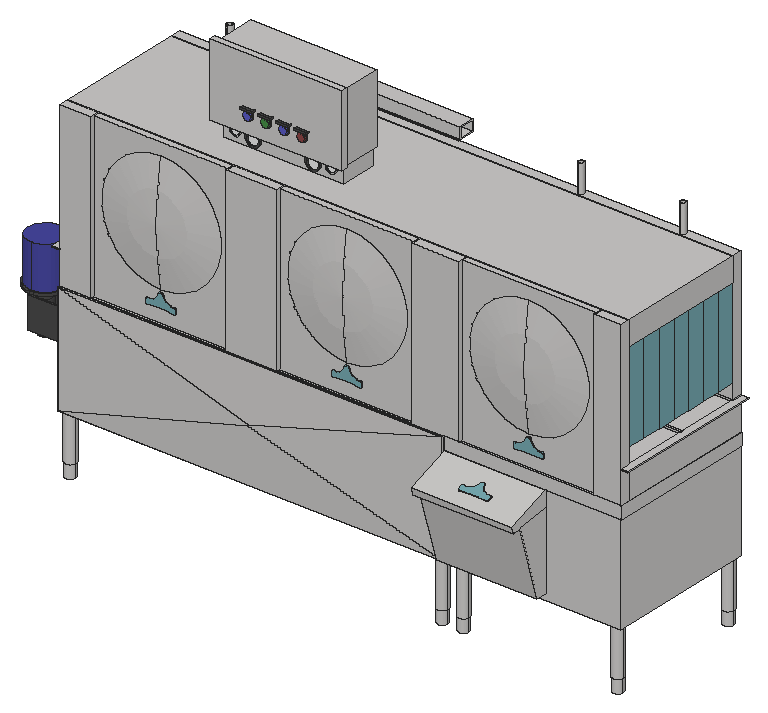
Revit family (continued)
Lines and regions (in)
  symbolic lines, style "QF_Clearances", visible <- "Left Vent", detail levels coarse
    curve 27: line (-7.67228, -43.15916, 0) -> (1.07772, -43.15916, 0)
  symbolic lines, style "QF_Clearances", detail levels coarse
    curve 28: line (1.07772, -43.15916, 0) -> (97.07772, -43.15916, 0)
  symbolic lines, visible <- "Right Vent"
    curve 29: line (95.82772, -48.15916, 10) -> (105.82772, -48.15916, 10)
    curve 30: line (105.82772, -48.15916, 10) -> (105.82772, -73.15916, 10)
    curve 31: line (105.82772, -73.15916, 10) -> (95.82772, -73.15916, 10)
    curve 32: line (98.89022, -48.22166, 10) -> (102.76522, -48.22166, 10)
    curve 33: line (98.89022, -73.09666, 10) -> (98.89022, -48.22166, 10)
    curve 34: line (102.76522, -73.09666, 10) -> (98.89022, -73.09666, 10)
    curve 35: line (102.76522, -48.22166, 10) -> (102.76522, -73.09666, 10)
  symbolic lines, style "QF_Clearances", visible <- "Right Vent", detail levels coarse
    curve 36: line (97.07772, -43.15916, 0) -> (105.82772, -43.15916, 0)
    curve 37: line (105.82772, -43.15916, 0) -> (105.82772, -47.65916, 0)
  symbolic lines, visible <- "Standard Doors"
    curve 44: line (68.89022, -72.65916, 0) -> (91.39022, -72.65916, 0)
    curve 48: line (61.07772, -72.65916, 0) -> (38.57772, -72.65916, 0)
    curve 52: line (7.57772, -72.65916, 0) -> (30.07772, -72.65916, 0)
  symbolic lines, visible <- "Swing Doors"
    curve 53: line (69.95272, -73.15916, 55.5) -> (69.95272, -74.28416, 55.5)
    curve 54: line (70.70272, -73.15916, 55.5) -> (70.70272, -74.28416, 55.5)
    curve 55: arc (70.70272, -74.28416, 55.5) -> (70.32772, -74.65916, 55.5) -> (69.95272, -74.28416, 55.5) r 0.375
    curve 56: line (39.64022, -73.15916, 55.5) -> (39.64022, -74.28416, 55.5)
    curve 57: line (40.39022, -73.15916, 55.5) -> (40.39022, -74.28416, 55.5)
    curve 58: arc (40.39022, -74.28416, 55.5) -> (40.01522, -74.65916, 55.5) -> (39.64022, -74.28416, 55.5) r 0.375
    curve 59: line (28.26522, -73.15916, 55.5) -> (28.26522, -74.28416, 55.5)
    curve 60: line (29.01522, -73.15916, 55.5) -> (29.01522, -74.28416, 55.5)
    curve 61: arc (29.01522, -74.28416, 55.5) -> (28.64022, -74.65916, 55.5) -> (28.26522, -74.28416, 55.5) r 0.375
  symbolic lines, style "QF_Clearances", visible <- "Swing Doors", detail levels coarse
    curve 62: line (7.57772, -95.65916, 55.5) -> (7.57772, -73.15916, 55.5)
    curve 63: arc (7.57772, -95.65916, 55.5) -> (23.48762, -89.06906, 55.5) -> (30.07772, -73.15916, 55.5) r 22.5
    curve 64: line (61.07772, -95.65916, 55.5) -> (61.07772, -73.15916, 55.5)
    curve 65: arc (61.07772, -95.65916, 55.5) -> (45.16782, -89.06906, 55.5) -> (38.57772, -73.15916, 55.5) r 22.5
    curve 66: line (91.39022, -95.65916, 55.5) -> (91.39022, -73.15916, 55.5)
    curve 67: arc (91.39022, -95.65916, 55.5) -> (75.48032, -89.06906, 55.5) -> (68.89022, -73.15916, 55.5) r 22.5
  symbolic lines, style "QF_Surface Details"
    curve 68: line (58.95272, -55.8127, 52.4375) -> (29.95272, -55.8127, 52.4375)
    curve 69: line (29.95272, -55.8127, 52.4375) -> (34.45272, -53.31831, 52.4375)
    curve 70: line (29.95272, -55.8127, 52.4375) -> (34.45272, -58.30709, 52.4375)
Dimensions and locks (in)
  "Depth": plane 6 "FRONT" to plane 3 "BACK"
  locked: plane 2 "LEFT" to plane 7 "Left of Top" at 0.25
  locked: plane 8 "Right of Top" to plane 5 "Right of Main Body" at 0.25
  locked: plane 9 "Left of Ledge" to plane 7 "Left of Top" at 1.5
  locked: plane 12 "Bottom of Machine" to level at 10
  "Table Height": plane 13 "Table Height" to level
  "Machine Height": plane 14 "Top of Machine" to level
  "Total Height": plane 4 "TOP" to level
  locked: plane 16 to plane 12 "Bottom of Machine" at 2
  locked: plane 13 "Table Height" to plane 15 "Panel Top" at 5.5
  locked: plane 6 "FRONT" to plane 17 at 0.5
  locked: plane 3 "BACK" to plane 18 at 0.5
  locked: plane 19 to plane 2 "LEFT" at 0.25
  locked: plane 3 "BACK" to plane 20 at 1.625
  locked: plane 6 "FRONT" to plane 21 at 1.625
  equal spacing: plane 2 "LEFT", plane 22 "Door Center", plane 5 "Right of Main Body"
  "Single Door Opening": plane 23 to plane 24
  locked: plane 14 "Top of Machine" to plane 25 "Top of Opening" at 4
  locked: plane 22 "Door Center" to Blend 10 sketch curve at 0.03125  (x2)
  locked: Extrusion 13 sketch curve to plane 21 at 1.125
  locked: plane 26 to level at 2.25
  plane 19 to Extrusion 14 sketch curve = 0' - 1 1/4"
  plane 18 to Extrusion 14 sketch curve = 0' - 1 1/2"
  locked: plane 18 to Extrusion 15 sketch curve at 1.5
  locked: plane 19 to Extrusion 15 sketch curve at 1.25
  locked: plane 18 to Extrusion 16 sketch curve at 1.5
  locked: plane 18 to Extrusion 17 sketch curve at 1.5
  locked: Extrusion 20 sketch curve to plane 17 at 1.5
  locked: Extrusion 21 sketch curve to plane 17 at 1.5
  locked: Extrusion 18 sketch curve to plane 17 at 1.5
  locked: plane 19 to Extrusion 18 sketch curve at 1.25
  locked: Extrusion 19 sketch curve to plane 17 at 1.5
  locked: plane 19 to Extrusion 19 sketch curve at 1.25
  locked: plane 27 to plane 22 "Door Center" at 10
  locked: plane 27 to plane 28 at 20
  locked: plane 29 to plane 22 "Door Center" at 11
  locked: plane 29 to plane 30 at 22
  plane 31 "Front of Lower Panel" to plane 6 "FRONT" = 0' - 6.65916"
  locked: plane 32 to plane 31 "Front of Lower Panel" at 6
  locked: plane 33 to plane 6 "FRONT" at 6
  locked: plane 34 "Back of Panel" to plane 33 at 7
  locked: plane 33 to plane 35 "Front of Upper Panel" at 1
  locked: plane 29 to plane 36 at 0.5
  locked: plane 37 to plane 30 at 0.5
  locked: Extrusion 27 sketch curve to plane 27 at 5
  locked: Extrusion 27 sketch curve to plane 14 "Top of Machine" at 1.5
  locked: Extrusion 28 sketch curve to plane 27 at 2
  locked: Extrusion 28 sketch curve to plane 14 "Top of Machine" at 1.75
  locked: Extrusion 31 sketch curve to plane 28 at 5
  locked: Extrusion 31 sketch curve to plane 14 "Top of Machine" at 1.5
  locked: Extrusion 32 sketch curve to plane 28 at 2
  locked: Extrusion 32 sketch curve to plane 14 "Top of Machine" at 1.75
  locked: Extrusion 41 sketch curve to plane 15 "Panel Top" at 4.12493
  locked: plane 10 "Left End Cowl" to plane 38 at 0.125
  locked: plane 39 to plane 11 at 3.875
  locked: plane 40 to plane 41 at 24.875
  locked: plane 41 to plane 6 "FRONT" at 0.0625
  plane 42 "Top of Vents" to plane 14 "Top of Machine" = 0' - 4"
  locked: Extrusion 46 sketch curve to plane 3 "BACK" at 0.75
  locked: plane 43 to plane 22 "Door Center" at 14.5
  locked: plane 43 to plane 44 at 29
  locked: plane 46 to plane 14 "Top of Machine" at 2
  locked: plane 45 to plane 3 "BACK" at 3
  Extrusion 49 sketch curve to plane 14 "Top of Machine" = 1' - 1"
  locked: plane 30 to Extrusion 49 sketch curve at 1
  locked: plane 47 to plane 3 "BACK" at 5
  locked: plane 48 to plane 14 "Top of Machine" at 29
  "Single Door Opening": plane 49 to plane 50
  locked: Extrusion 60 sketch curve to plane 3 "BACK" at 0.75
  plane 2 "LEFT" to Extrusion 50 sketch curve = 0' - 5"
  locked: plane 2 "LEFT" to Extrusion 46 sketch curve at 9
  locked: plane 53 to plane 51 at 0.125
  locked: plane 52 to plane 54 at 3.875
  "Width": plane 2 "LEFT" to plane 55 "RIGHT"
  locked: plane 56 to plane 57 at 1.5
  plane 61 "Drain" to plane 3 "BACK" = 0' - 3"
  Extrusion 96 sketch curve to plane 55 "RIGHT" = 0' - 9"
  locked: plane 55 "RIGHT" to plane 51 at 10
  locked: plane 55 "RIGHT" to plane 58 at 0.25
  locked: plane 56 to plane 55 "RIGHT" at 0.25
  "Single Door Opening": plane 59 to plane 60
  locked: plane 5 "Right of Main Body" to plane 62 at 17
  Extrusion 60 sketch curve to plane 55 "RIGHT" = 2' - 2"
  Extrusion 61 sketch curve to plane 55 "RIGHT" = 1' - 9"
  locked: plane 54 to plane 53 at 2.9375
  locked: plane 38 to plane 39 at 2.9375
  locked: plane 10 "Left End Cowl" to plane 2 "LEFT" at 10
  locked: plane 5 "Right of Main Body" to plane 55 "RIGHT" at 29.5
  locked: plane 60 to plane 55 "RIGHT" at 4.4375
  plane 50 to plane 5 "Right of Main Body" = 0' - 5 1/4"
  locked: plane 2 "LEFT" to plane 23 at 5.25
  locked: plane 23 to plane 63 at 0.25
  locked: plane 64 to plane 24 at 0.125
  locked: plane 65 to plane 24 at 1.4375
  locked: plane 49 to plane 66 at 0.125
  locked: plane 49 to plane 67 at 1.4375
  locked: plane 68 to plane 50 at 0.25
  locked: plane 59 to plane 69 at 0.125
  locked: plane 59 to plane 70 at 1.4375
  locked: plane 71 to plane 60 at 0.25
  aligned and locked: level to plane 1
  aligned and locked: Extrusion 1 sketch curve to plane 18
  aligned and locked: Extrusion 1 sketch curve to plane 19
  aligned: Extrusion 1 to plane 12 "Bottom of Machine"
  aligned: plane 16 to Extrusion 1
  aligned and locked: plane 2 "LEFT" to Extrusion 2 sketch curve
  aligned and locked: Extrusion 2 sketch curve to plane 5 "Right of Main Body"
  aligned and locked: plane 6 "FRONT" to Extrusion 2 sketch curve
  aligned and locked: plane 3 "BACK" to Extrusion 2 sketch curve
  aligned and locked: plane 15 "Panel Top" to Extrusion 2
  aligned and locked: Extrusion 2 to plane 16
  aligned and locked: plane 2 "LEFT" to Extrusion 3 sketch curve
  aligned and locked: Extrusion 3 sketch curve to plane 6 "FRONT"
  aligned and locked: Extrusion 3 sketch curve to plane 9 "Left of Ledge"
  aligned and locked: Extrusion 3 sketch curve to plane 3 "BACK"
  aligned: plane 5 "Right of Main Body" to Extrusion 4 sketch curve
  aligned and locked: plane 6 "FRONT" to Extrusion 4 sketch curve
  aligned and locked: plane 3 "BACK" to Extrusion 4 sketch curve
  aligned and locked: plane 3 "BACK" to Extrusion 5 sketch curve
  aligned and locked: Extrusion 5 sketch curve to plane 21
  aligned and locked: Extrusion 5 to plane 15 "Panel Top"
  aligned and locked: plane 3 "BACK" to Extrusion 6 sketch curve
  aligned and locked: plane 20 to Extrusion 6 sketch curve
  aligned and locked: plane 2 "LEFT" to Extrusion 7 sketch curve
  aligned and locked: Extrusion 7 sketch curve to plane 21
  aligned and locked: Extrusion 7 sketch curve to plane 20
  aligned and locked: plane 3 "BACK" to Extrusion 8 sketch curve
  aligned and locked: plane 20 to Extrusion 8 sketch curve
  aligned and locked: plane 2 "LEFT" to Extrusion 8 sketch curve
  aligned and locked: Extrusion 8 to plane 13 "Table Height"
  aligned and locked: Extrusion 7 to plane 25 "Top of Opening"
  aligned and locked: Extrusion 9 sketch curve to plane 23
  aligned and locked: plane 2 "LEFT" to Extrusion 9 sketch curve
  aligned and locked: plane 15 "Panel Top" to Extrusion 9 sketch curve
  aligned and locked: Extrusion 9 to plane 21
  aligned and locked: Extrusion 9 sketch curve to plane 14 "Top of Machine"
  aligned and locked: plane 2 "LEFT" to Blend 10 sketch curve
  aligned and locked: plane 12 "Bottom of Machine" to Blend 10 sketch curve
  aligned and locked: Blend 10 sketch curve to plane 15 "Panel Top"
  aligned and locked: Blend 10 sketch curve to plane 5 "Right of Main Body"
  aligned and locked: plane 6 "FRONT" to Extrusion 1 sketch curve
  aligned and locked: plane 2 "LEFT" to Extrusion 11 sketch curve
  aligned and locked: Extrusion 11 sketch curve to plane 6 "FRONT"
  aligned: plane 17 to Extrusion 11 sketch curve
  aligned and locked: Extrusion 11 sketch curve to plane 5 "Right of Main Body"
  aligned: Extrusion 11 to plane 12 "Bottom of Machine"
  aligned: plane 15 "Panel Top" to Extrusion 11
  aligned and locked: Extrusion 12 sketch curve to plane 14 "Top of Machine"
  aligned and locked: plane 15 "Panel Top" to Extrusion 12 sketch curve
  aligned and locked: Extrusion 12 to plane 21
  aligned and locked: Extrusion 13 sketch curve to plane 24
  aligned and locked: plane 21 to Extrusion 13 sketch curve
  aligned and locked: plane 23 to Extrusion 13 sketch curve
  aligned and locked: Extrusion 13 to plane 15 "Panel Top"
  aligned and locked: plane 26 to Extrusion 14
  aligned and locked: Extrusion 15 to plane 26
  aligned and locked: plane 12 "Bottom of Machine" to Extrusion 15
  aligned and locked: plane 21 to Extrusion 22 sketch curve
  aligned and locked: plane 20 to Extrusion 22 sketch curve
  aligned and locked: plane 2 "LEFT" to Extrusion 23 sketch curve  (x7)
  aligned and locked: Extrusion 23 sketch curve to plane 20
  aligned and locked: Extrusion 23 sketch curve to plane 21
  aligned and locked: Extrusion 24 sketch curve to plane 32
  aligned and locked: plane 31 "Front of Lower Panel" to Extrusion 24 sketch curve
  aligned and locked: plane 27 to Extrusion 24 sketch curve
  aligned and locked: plane 28 to Extrusion 24 sketch curve
  aligned and locked: Extrusion 25 sketch curve to plane 34 "Back of Panel"
  aligned and locked: plane 33 to Extrusion 25 sketch curve
  aligned and locked: plane 36 to Extrusion 25 sketch curve
  aligned and locked: Extrusion 25 sketch curve to plane 37
  aligned and locked: Extrusion 26 sketch curve to plane 33
  aligned and locked: plane 35 "Front of Upper Panel" to Extrusion 26 sketch curve
  aligned and locked: plane 29 to Extrusion 26 sketch curve
  aligned and locked: Extrusion 26 sketch curve to plane 30
  aligned and locked: Extrusion 29 sketch curve to Extrusion 28  (x2)
  aligned and locked: Extrusion 30 sketch curve to Extrusion 27  (x2)
  aligned and locked: Extrusion 33 sketch curve to Extrusion 32  (x2)
  aligned and locked: Extrusion 34 sketch curve to Extrusion 31  (x2)
  aligned and locked: Extrusion 42 sketch curve to plane 3 "BACK"
  aligned and locked: plane 14 "Top of Machine" to Extrusion 42 sketch curve
  aligned and locked: Extrusion 42 sketch curve to plane 20
  aligned and locked: plane 6 "FRONT" to Extrusion 42 sketch curve
  aligned and locked: Extrusion 42 sketch curve to plane 21
  aligned and locked: Extrusion 42 to plane 38
  aligned and locked: plane 38 to Extrusion 43
  aligned and locked: Extrusion 44 sketch curve to plane 40
  aligned and locked: plane 39 to Extrusion 44 sketch curve
  aligned and locked: Extrusion 44 sketch curve to plane 11
  aligned and locked: plane 41 to Extrusion 44 sketch curve
  aligned and locked: plane 42 "Top of Vents" to Extrusion 44
  aligned and locked: Extrusion 45 sketch curve to Extrusion 44  (x4)
  aligned and locked: Extrusion 47 to plane 43
  aligned and locked: Extrusion 47 to plane 44
  aligned and locked: Extrusion 48 to plane 44
  aligned and locked: Extrusion 48 to plane 43
  aligned and locked: plane 2 "LEFT" to curve 2
  aligned and locked: plane 3 "BACK" to curve 1
  aligned and locked: plane 6 "FRONT" to curve 3
  aligned and locked: curve 6 to plane 10 "Left End Cowl"
  aligned and locked: curve 7 to plane 6 "FRONT"
  aligned and locked: plane 43 to curve 8
  aligned and locked: plane 44 to curve 10
  aligned and locked: curve 9 to plane 45
  aligned and locked: curve 13 to plane 34 "Back of Panel"
  aligned and locked: plane 33 to curve 15
  aligned and locked: plane 36 to curve 14
  aligned and locked: curve 16 to plane 37
  aligned and locked: plane 29 to curve 20
  aligned and locked: plane 35 "Front of Upper Panel" to curve 19
  aligned and locked: curve 18 to plane 30
  aligned and locked: curve 22 to plane 40
  aligned and locked: curve 25 to plane 11
  aligned and locked: plane 39 to curve 23
  aligned and locked: plane 41 to curve 24
  aligned and locked: Extrusion 51 sketch curve to plane 18  (x2)
  aligned and locked: plane 47 to Extrusion 51 sketch curve
  aligned and locked: plane 44 to Extrusion 51 sketch curve
  aligned and locked: Extrusion 51 sketch curve to plane 45
  aligned and locked: plane 43 to Extrusion 51 sketch curve
  aligned: plane 42 "Top of Vents" to Extrusion 51
  aligned: plane 4 "TOP" to Extrusion 51
  aligned and locked: plane 14 "Top of Machine" to Extrusion 52 sketch curve
  aligned and locked: Extrusion 52 sketch curve to plane 24
  aligned and locked: plane 23 to Extrusion 52 sketch curve
  aligned and locked: Extrusion 52 sketch curve to plane 48
  aligned and locked: Extrusion 52 to plane 21
  aligned and locked: Extrusion 51 sketch curve to plane 9 "Left of Ledge"
  aligned and locked: plane 10 "Left End Cowl" to Extrusion 53 sketch curve
  aligned and locked: plane 18 to Extrusion 53 sketch curve
  aligned and locked: Extrusion 53 sketch curve to plane 9 "Left of Ledge"
  aligned and locked: Extrusion 53 sketch curve to plane 47
  aligned and locked: plane 4 "TOP" to Extrusion 53
  aligned and locked: plane 10 "Left End Cowl" to curve 26
  aligned and locked: Extrusion 55 sketch curve to plane 50
  aligned and locked: plane 49 to Extrusion 55 sketch curve
  aligned and locked: Extrusion 57 sketch curve to plane 50
  aligned and locked: plane 49 to Extrusion 57 sketch curve
  aligned and locked: plane 50 to Extrusion 12 sketch curve
  aligned and locked: plane 24 to Extrusion 59 sketch curve
  aligned and locked: Extrusion 59 sketch curve to plane 49
  aligned and locked: Extrusion 59 sketch curve to plane 14 "Top of Machine"
  aligned and locked: plane 15 "Panel Top" to Extrusion 59 sketch curve
  aligned and locked: Extrusion 59 to plane 21
  aligned and locked: Extrusion 59 to plane 6 "FRONT"
  aligned and locked: Extrusion 62 sketch curve to Extrusion 50  (x2)
  aligned and locked: Extrusion 63 sketch curve to Extrusion 61  (x2)
  aligned and locked: Extrusion 67 sketch curve to Extrusion 65
  aligned and locked: Blend 68 sketch curve to Extrusion 67  (x2)
  aligned and locked: Extrusion 77 sketch curve to Extrusion 75  (x2)
  aligned and locked: Extrusion 82 to plane 53
  aligned and locked: plane 53 to Extrusion 81
  aligned and locked: Extrusion 83 sketch curve to plane 52
  aligned and locked: plane 54 to Extrusion 83 sketch curve
  aligned and locked: plane 52 to nested 2
  aligned and locked: plane 54 to nested 2
  aligned and locked: curve 30 to plane 51
  aligned and locked: curve 35 to plane 54
  aligned and locked: plane 52 to curve 33
  aligned and locked: Extrusion 84 sketch curve to plane 51
  aligned and locked: curve 37 to plane 51
  aligned and locked: Extrusion 6 sketch curve to plane 55 "RIGHT"  (x2)
  aligned and locked: Extrusion 5 sketch curve to plane 55 "RIGHT"
  aligned and locked: Extrusion 12 sketch curve to plane 59
  aligned and locked: plane 2 "LEFT" to Extrusion 5 sketch curve
  aligned and locked: plane 2 "LEFT" to Extrusion 6 sketch curve  (x2)
  aligned and locked: Extrusion 7 sketch curve to plane 55 "RIGHT"
  aligned and locked: Extrusion 8 sketch curve to plane 55 "RIGHT"
  aligned and locked: plane 3 "BACK" to Extrusion 85 sketch curve
  aligned and locked: cut or joined group of Extrusion 81, Extrusion 95 to plane 55 "RIGHT"
  aligned and locked: Extrusion 89 to Extrusion 4
  aligned and locked: Extrusion 89 to plane 12 "Bottom of Machine"
  aligned and locked: plane 62 to curve 40
  aligned and locked: plane 2 "LEFT" to cut or joined group of Extrusion 42, Extrusion 45
  aligned and locked: plane 56 to Extrusion 22 sketch curve
  aligned and locked: plane 55 "RIGHT" to Extrusion 22 sketch curve  (x7)
  aligned and locked: plane 21 to Extrusion 115 sketch curve
  aligned and locked: plane 6 "FRONT" to Extrusion 115 sketch curve
  aligned and locked: plane 63 to Extrusion 115 sketch curve
  aligned and locked: Extrusion 115 sketch curve to plane 64
  aligned and locked: plane 21 to Extrusion 116 sketch curve
  aligned and locked: plane 6 "FRONT" to Extrusion 116 sketch curve
  aligned and locked: plane 66 to Extrusion 116 sketch curve
  aligned and locked: Extrusion 116 sketch curve to plane 68
  aligned and locked: plane 21 to Extrusion 117 sketch curve
  aligned and locked: plane 6 "FRONT" to Extrusion 117 sketch curve
  aligned and locked: Extrusion 117 sketch curve to plane 71
  aligned and locked: plane 69 to Extrusion 117 sketch curve
  aligned and locked: Extrusion 115 to plane 15 "Panel Top"
  aligned and locked: Extrusion 116 to plane 15 "Panel Top"
  aligned and locked: Extrusion 117 to plane 15 "Panel Top"
  aligned and locked: plane 23 to curve 62
  aligned and locked: plane 60 to curve 66
  aligned and locked: plane 50 to curve 64
Automatic sketch dimensions
  Extrusion 35 sketch curve to Extrusion 35 sketch curve = 0' - 1"  (x3)
  Extrusion 35 sketch curve to Extrusion 35 sketch curve = 0' - 2"  (x4)
  Extrusion 35 sketch curve to Extrusion 35 sketch curve = 0' - 0 1/4"  (x5)
  Extrusion 35 sketch curve to Extrusion 35 sketch curve = 0' - 0"  (x2)
  Extrusion 40 sketch curve to Extrusion 40 sketch curve = 0' - 1 1/2"  (x3)
  Extrusion 40 sketch curve to Extrusion 40 sketch curve = 0' - 0 3/4"  (x4)
  Extrusion 40 sketch curve to Extrusion 40 sketch curve = 0' - 0"  (x3)
  Extrusion 40 sketch curve to Extrusion 40 sketch curve = 0' - 0 7/8"  (x4)
  Extrusion 91 sketch curve to Extrusion 91 sketch curve = 0' - 0.24812"
  Extrusion 91 sketch curve to Extrusion 91 sketch curve = 0' - 2 11/16"
  Extrusion 91 sketch curve to Extrusion 91 sketch curve = 0' - 1.04649"
  Extrusion 92 sketch curve to Extrusion 92 sketch curve = 0' - 0.25142"  (x2)
  Extrusion 92 sketch curve to Extrusion 92 sketch curve = 0' - 0.25483"
  Extrusion 92 sketch curve to Extrusion 92 sketch curve = 0' - 0.30345"
  Extrusion 92 sketch curve to Extrusion 92 sketch curve = 0' - 1.63184"  (x2)
  Extrusion 92 sketch curve to Extrusion 92 sketch curve = 0' - 1.52338"
  Extrusion 92 sketch curve to Extrusion 92 sketch curve = 0' - 0.41934"
  Extrusion 92 sketch curve to Extrusion 92 sketch curve = 0' - 0.42496"
  Extrusion 92 sketch curve to Extrusion 92 sketch curve = 0' - 0"  (x2)
  Extrusion 92 sketch curve to Extrusion 92 sketch curve = 0' - 1.22253"
  Extrusion 92 sketch curve to Extrusion 92 sketch curve = 0' - 1.51845"
  Extrusion 92 sketch curve to Extrusion 92 sketch curve = 0' - 0.00341"
  Extrusion 92 sketch curve to Extrusion 92 sketch curve = 0' - 0.34808"
  Extrusion 92 sketch curve to Extrusion 92 sketch curve = 0' - 0.48493"  (x2)
  Extrusion 92 sketch curve to Extrusion 92 sketch curve = 0' - 0.08323"
  Extrusion 92 sketch curve to Extrusion 92 sketch curve = 0' - 11.98442"
  Extrusion 90 sketch curve to Extrusion 90 sketch curve = 0' - 3.69119"
  Extrusion 90 sketch curve to Extrusion 90 sketch curve = 0' - 5.50369"
  Extrusion 90 sketch curve to Extrusion 90 sketch curve = 0' - 0.73915"
  Extrusion 90 sketch curve to Extrusion 90 sketch curve = 1' - 0 13/16"
  Extrusion 91 sketch curve to Extrusion 91 sketch curve = 0' - 6.75188"
  Extrusion 91 sketch curve to Extrusion 91 sketch curve = 0' - 0.13971"
  Extrusion 92 sketch curve to Extrusion 92 sketch curve = 0' - 0.61126"
  Extrusion 107 sketch curve to Extrusion 107 sketch curve = 0' - 0.24812"
  Extrusion 107 sketch curve to Extrusion 107 sketch curve = 0' - 2 11/16"
  Extrusion 107 sketch curve to Extrusion 107 sketch curve = 0' - 1.04649"
  Extrusion 108 sketch curve to Extrusion 108 sketch curve = 0' - 0.25142"  (x2)
  Extrusion 108 sketch curve to Extrusion 108 sketch curve = 0' - 0.25483"
  Extrusion 108 sketch curve to Extrusion 108 sketch curve = 0' - 0.30345"
  Extrusion 108 sketch curve to Extrusion 108 sketch curve = 0' - 1.63184"  (x2)
  Extrusion 108 sketch curve to Extrusion 108 sketch curve = 0' - 1.52338"
  Extrusion 108 sketch curve to Extrusion 108 sketch curve = 0' - 0.41934"
  Extrusion 108 sketch curve to Extrusion 108 sketch curve = 0' - 0.42496"
  Extrusion 108 sketch curve to Extrusion 108 sketch curve = 0' - 0"  (x2)
  Extrusion 108 sketch curve to Extrusion 108 sketch curve = 0' - 1.22253"
  Extrusion 108 sketch curve to Extrusion 108 sketch curve = 0' - 1.51845"
  Extrusion 108 sketch curve to Extrusion 108 sketch curve = 0' - 0.00341"
  Extrusion 108 sketch curve to Extrusion 108 sketch curve = 0' - 0.34808"
  Extrusion 108 sketch curve to Extrusion 108 sketch curve = 0' - 0.48493"  (x2)
  Extrusion 108 sketch curve to Extrusion 108 sketch curve = 0' - 0.08323"
  Extrusion 108 sketch curve to Extrusion 108 sketch curve = 0' - 11.98442"
  Extrusion 106 sketch curve to Extrusion 106 sketch curve = 0' - 3.69119"
  Extrusion 106 sketch curve to Extrusion 106 sketch curve = 0' - 5.50369"
  Extrusion 106 sketch curve to Extrusion 106 sketch curve = 0' - 0.73915"
  Extrusion 106 sketch curve to Extrusion 106 sketch curve = 1' - 0 13/16"
  Extrusion 107 sketch curve to Extrusion 107 sketch curve = 0' - 6.75188"
  Extrusion 107 sketch curve to Extrusion 107 sketch curve = 0' - 0.13971"
  Extrusion 108 sketch curve to Extrusion 108 sketch curve = 0' - 0.61126"
  Extrusion 109 sketch curve to Extrusion 109 sketch curve = 0' - 1"  (x3)
  Extrusion 109 sketch curve to Extrusion 109 sketch curve = 0' - 2"  (x4)
  Extrusion 109 sketch curve to Extrusion 109 sketch curve = 0' - 0 1/4"  (x5)
  Extrusion 109 sketch curve to Extrusion 109 sketch curve = 0' - 0"  (x2)
  Extrusion 114 sketch curve to Extrusion 114 sketch curve = 0' - 1 1/2"  (x3)
  Extrusion 114 sketch curve to Extrusion 114 sketch curve = 0' - 0 3/4"  (x4)
  Extrusion 114 sketch curve to Extrusion 114 sketch curve = 0' - 0"  (x3)
  Extrusion 114 sketch curve to Extrusion 114 sketch curve = 0' - 0 7/8"  (x4)
  Extrusion 6 sketch curve to plane 34 "Back of Panel" = 0' - 0.09084"
  Extrusion 6 sketch curve to plane 32 = 0' - 0 1/4"
  plane 17 to Extrusion 11 sketch curve = 0' - 0.15916"
  Extrusion 16 sketch curve to plane 8 "Right of Top" = 0' - 0 3/4"
  Extrusion 17 sketch curve to plane 8 "Right of Top" = 0' - 0 3/4"
  plane 8 "Right of Top" to Extrusion 20 sketch curve = 0' - 0 3/4"
  plane 8 "Right of Top" to Extrusion 21 sketch curve = 0' - 0 3/4"
  Extrusion 22 sketch curve to plane 56 = 0' - 0"  (x6)
  Extrusion 22 sketch curve to plane 35 "Front of Upper Panel" = 0' - 0 3/8"
  Extrusion 22 sketch curve to Extrusion 22 sketch curve = 0' - 0 1/8"  (x6)
  plane 31 "Front of Lower Panel" to Extrusion 22 sketch curve = 0' - 1 1/4"
  Extrusion 22 sketch curve to plane 32 = 0' - 1 5/8"
  plane 34 "Back of Panel" to Extrusion 22 sketch curve = 0' - 1"
  Extrusion 22 sketch curve to Extrusion 22 sketch curve = 0' - 3"
  Extrusion 22 sketch curve to plane 61 "Drain" = 0' - 1 3/4"
  Extrusion 27 sketch curve to Extrusion 27 sketch curve = 0' - 0"  (x2)
  Extrusion 28 sketch curve to Extrusion 28 sketch curve = 0' - 0"  (x2)
  Extrusion 31 sketch curve to Extrusion 31 sketch curve = 0' - 0"  (x2)
  Extrusion 32 sketch curve to Extrusion 32 sketch curve = 0' - 0"  (x2)
  plane 41 to Extrusion 44 sketch curve = 0' - 0 1/8"
  Extrusion 44 sketch curve to plane 40 = 0' - 0 1/8"
  Extrusion 44 sketch curve to plane 11 = 0' - 0 1/8"
  plane 39 to Extrusion 44 sketch curve = 0' - 0 1/8"
  Extrusion 47 sketch curve to plane 46 = 0' - 0"
  Extrusion 47 sketch curve to plane 14 "Top of Machine" = 0' - 0"
  Extrusion 47 sketch curve to plane 45 = 0' - 0"
  Extrusion 47 sketch curve to plane 45 = 0' - 0 1/8"
  Extrusion 47 sketch curve to plane 18 = 0' - 0 1/8"
  Extrusion 47 sketch curve to Extrusion 47 sketch curve = 0' - 0 1/8"
  plane 14 "Top of Machine" to Extrusion 47 sketch curve = 0' - 0 1/8"
  Extrusion 47 sketch curve to plane 46 = 0' - 0 1/8"
  Extrusion 48 sketch curve to plane 3 "BACK" = 0' - 0"
  Extrusion 48 sketch curve to plane 14 "Top of Machine" = 0' - 0"
  Extrusion 48 sketch curve to plane 3 "BACK" = 0' - 0 1/4"
  Extrusion 48 sketch curve to Extrusion 48 sketch curve = 0' - 0 1/8"
  Extrusion 51 sketch curve to plane 57 = 0' - 0"
  Extrusion 57 sketch curve to plane 14 "Top of Machine" = 0' - 0"
  Extrusion 57 sketch curve to plane 48 = 0' - 0"
  Extrusion 66 sketch curve to plane 35 "Front of Upper Panel" = 0' - 0 3/16"
  plane 39 to Extrusion 66 sketch curve = 0' - 0 11/16"
  Blend 68 sketch curve to plane 35 "Front of Upper Panel" = 0' - 0 3/16"
  plane 39 to Blend 68 sketch curve = 0' - 0 11/16"
  Extrusion 69 sketch curve to plane 35 "Front of Upper Panel" = 0' - 0 3/16"
  plane 39 to Extrusion 69 sketch curve = 0' - 0 11/16"
  Extrusion 70 sketch curve to plane 35 "Front of Upper Panel" = 0' - 0 3/16"
  plane 39 to Extrusion 70 sketch curve = 0' - 0 11/16"
  Blend 78 sketch curve to plane 9 "Left of Ledge" = 0' - 0 5/16"
  Blend 78 sketch curve to plane 32 = 0' - 2 1/4"
  plane 34 "Back of Panel" to Blend 78 sketch curve = 0' - 1 3/4"
  plane 39 to Blend 78 sketch curve = 0' - 0 1/4"
  plane 11 to Blend 78 sketch curve = 0' - 0 1/4"
  Blend 78 sketch curve to plane 32 = 0' - 1 1/4"
  plane 34 "Back of Panel" to Blend 78 sketch curve = 0' - 0 3/4"
  plane 39 to Blend 78 sketch curve = 0' - 1 1/4"
  Blend 79 sketch curve to plane 39 = 0' - 0 1/2"
  plane 31 "Front of Lower Panel" to Blend 79 sketch curve = 0' - 3"
  plane 34 "Back of Panel" to Blend 79 sketch curve = 0' - 2 1/2"
  plane 9 "Left of Ledge" to Blend 79 sketch curve = 0' - 0 7/16"
  Blend 79 sketch curve to plane 9 "Left of Ledge" = 0' - 0 9/16"
  Blend 79 sketch curve to plane 32 = 0' - 2"
  plane 34 "Back of Panel" to Blend 79 sketch curve = 0' - 1 1/2"
  plane 39 to Blend 79 sketch curve = 0' - 0 1/2"
  Extrusion 83 sketch curve to plane 41 = 0' - 0"
  Extrusion 83 sketch curve to plane 40 = 0' - 0"
  Extrusion 83 sketch curve to plane 41 = 0' - 0 1/8"
  plane 40 to Extrusion 83 sketch curve = 0' - 0 1/8"
  Extrusion 83 sketch curve to plane 52 = 0' - 0 1/8"
  plane 54 to Extrusion 83 sketch curve = 0' - 0 1/8"
  Extrusion 84 sketch curve to plane 18 = 0' - 0"
  Extrusion 84 sketch curve to plane 57 = 0' - 0"
  Extrusion 84 sketch curve to plane 47 = 0' - 0"
  Extrusion 88 sketch curve to plane 48 = 0' - 0"
  Extrusion 88 sketch curve to plane 59 = 0' - 0"
  Extrusion 88 sketch curve to plane 14 "Top of Machine" = 0' - 0"
  Extrusion 88 sketch curve to plane 60 = 0' - 0"
  plane 41 to Extrusion 95 sketch curve = 0' - 0 1/8"
  Extrusion 95 sketch curve to plane 40 = 0' - 0 1/8"
  Extrusion 95 sketch curve to plane 54 = 0' - 0 1/8"
  plane 52 to Extrusion 95 sketch curve = 0' - 0 1/8"
  plane 59 to Extrusion 98 sketch curve = 0' - 0 1/16"
  Extrusion 98 sketch curve to plane 20 = 0' - 0 5/8"
  plane 59 to Extrusion 99 sketch curve = 0' - 0 1/16"
  Extrusion 99 sketch curve to plane 20 = 0' - 0 5/8"
  Extrusion 102 sketch curve to plane 56 = 0' - 1"
  Extrusion 102 sketch curve to plane 20 = 0' - 0 5/8"
  Extrusion 103 sketch curve to plane 56 = 0' - 1"
  Extrusion 103 sketch curve to plane 20 = 0' - 0 5/8"
  curve 27 to plane 9 "Left of Ledge" = 0' - 0"
  curve 51 to plane 6 "FRONT" = 0' - 0"
  curve 51 to plane 23 = 0' - 0"
  plane 21 to curve 50 = 0' - 0"
  curve 50 to plane 24 = 0' - 0"
  curve 48 to plane 49 = 0' - 0"
  plane 21 to curve 46 = 0' - 0"
  curve 46 to plane 50 = 0' - 0"
  curve 38 to plane 6 "FRONT" = 0' - 0"
  plane 21 to curve 42 = 0' - 0"
  curve 42 to plane 59 = 0' - 0"
  curve 44 to plane 60 = 0' - 0"
  curve 36 to plane 47 = 0' - 0"
  curve 36 to plane 57 = 0' - 0"
  curve 47 to plane 6 "FRONT" = 0' - 0"
  curve 43 to plane 6 "FRONT" = 0' - 0"
  curve 49 to plane 6 "FRONT" = 0' - 0"
  curve 45 to plane 6 "FRONT" = 0' - 0"
  curve 40 to plane 6 "FRONT" = 0' - 0"
  curve 41 to plane 6 "FRONT" = 0' - 0"
  curve 37 to plane 18 = 0' - 0"
  curve 26 to plane 18 = 0' - 0"
  plane 5 "Right of Main Body" to curve 39 = 0' - 0 1/4"
  curve 38 to plane 17 = 0' - 6 1/2"
  plane 41 to curve 48 = 0' - 0 7/16"
  plane 41 to curve 52 = 0' - 0 7/16"
  plane 41 to curve 44 = 0' - 0 7/16"
  plane 5 "Right of Main Body" to Extrusion 1 sketch curve = 0' - 0 1/4"
  Extrusion 4 sketch curve to plane 57 = 0' - 0"
  Extrusion 4 sketch curve to plane 55 "RIGHT" = 0' - 0"
  plane 16 to Blend 10 sketch curve = 0' - 7 7/32"
  Blend 10 sketch curve to Blend 10 sketch curve = 0' - 0 1/16"
  plane 35 "Front of Upper Panel" to Extrusion 23 sketch curve = 0' - 0 3/8"
  Extrusion 23 sketch curve to Extrusion 23 sketch curve = 0' - 0 1/8"  (x6)
  Extrusion 23 sketch curve to plane 31 "Front of Lower Panel" = 0' - 1 1/4"
  plane 32 to Extrusion 23 sketch curve = 0' - 1 5/8"
  Extrusion 23 sketch curve to plane 2 "LEFT" = 0' - 0 1/8"  (x7)
  Extrusion 23 sketch curve to plane 34 "Back of Panel" = 0' - 1"
  Extrusion 23 sketch curve to Extrusion 23 sketch curve = 0' - 3"
  plane 61 "Drain" to Extrusion 23 sketch curve = 0' - 1 3/4"
  plane 43 to Extrusion 41 sketch curve = 0' - 1.49793"
  Extrusion 41 sketch curve to Extrusion 41 sketch curve = 0' - 0.25142"  (x2)
  Extrusion 41 sketch curve to Extrusion 41 sketch curve = 0' - 0.25483"
  plane 43 to Extrusion 41 sketch curve = 0' - 0.94306"
  Extrusion 41 sketch curve to plane 43 = 0' - 0.38874"
  Extrusion 41 sketch curve to plane 43 = 0' - 0.58031"
  Extrusion 41 sketch curve to Extrusion 41 sketch curve = 0' - 0.41934"
  Extrusion 41 sketch curve to plane 43 = 0' - 1"
  Extrusion 41 sketch curve to Extrusion 41 sketch curve = 0' - 0.42496"
  Extrusion 41 sketch curve to Extrusion 41 sketch curve = 0' - 0"
  Extrusion 41 sketch curve to Extrusion 41 sketch curve = 0' - 1.22253"
  Extrusion 41 sketch curve to Extrusion 41 sketch curve = 0' - 1.51845"
  Extrusion 41 sketch curve to Extrusion 41 sketch curve = 0' - 1.63184"
  Extrusion 41 sketch curve to Extrusion 41 sketch curve = 0' - 0.00341"
  Extrusion 41 sketch curve to plane 13 "Table Height" = 0' - 2.43574"  (x2)
  Extrusion 41 sketch curve to Extrusion 41 sketch curve = 0' - 0.48493"  (x2)
  Extrusion 41 sketch curve to Extrusion 41 sketch curve = 0' - 0.08323"
  plane 16 to Extrusion 41 sketch curve = 0' - 6.6719"
  plane 41 to Extrusion 42 sketch curve = 0' - 0 1/16"
  Extrusion 42 sketch curve to plane 40 = 0' - 0 1/16"
  Extrusion 42 sketch curve to plane 14 "Top of Machine" = 0' - 0 1/8"
  Extrusion 42 sketch curve to plane 25 "Top of Opening" = 0' - 0.88572"
  Extrusion 42 sketch curve to Extrusion 42 sketch curve = 0' - 0.05178"  (x2)
  Extrusion 42 sketch curve to Extrusion 42 sketch curve = 0' - 1 1/2"  (x2)
  Extrusion 42 sketch curve to Extrusion 42 sketch curve = 0' - 0.17678"  (x2)
  plane 13 "Table Height" to Extrusion 42 sketch curve = 0' - 5.17678"
  Extrusion 43 sketch curve to plane 6 "FRONT" = 0' - 0"
  Extrusion 43 sketch curve to plane 21 = 0' - 0"
  Extrusion 43 sketch curve to plane 20 = 0' - 0"
  Extrusion 43 sketch curve to plane 3 "BACK" = 0' - 0"
  Extrusion 43 sketch curve to plane 25 "Top of Opening" = 0' - 0"
  Extrusion 43 sketch curve to plane 14 "Top of Machine" = 0' - 0"
  Extrusion 43 sketch curve to plane 25 "Top of Opening" = 0' - 0 15/16"
  Extrusion 43 sketch curve to Extrusion 43 sketch curve = 0' - 1 5/8"  (x2)
  plane 13 "Table Height" to Extrusion 43 sketch curve = 0' - 5 1/8"
  Extrusion 46 sketch curve to Extrusion 46 sketch curve = 0' - 0"  (x2)
  Extrusion 50 sketch curve to Extrusion 50 sketch curve = 0' - 0"  (x2)
  Extrusion 50 sketch curve to plane 61 "Drain" = 0' - 0"
  curve 30 to plane 6 "FRONT" = 0' - 0"
  curve 34 to plane 41 = 0' - 0"
  curve 32 to plane 40 = 0' - 0"
  plane 3 "BACK" to curve 11 = 0' - 0"
  plane 3 "BACK" to curve 29 = 0' - 0"
  curve 12 to plane 57 = 0' - 0"
  curve 31 to plane 55 "RIGHT" = 0' - 0"
  curve 11 to plane 9 "Left of Ledge" = 0' - 0"
  Revolve 54 sketch curve to plane 17 = 0' - 0"
  Revolve 54 sketch curve to Revolve 54 sketch curve = 0' - 10 3/4"
  plane 41 to Revolve 54 sketch curve = 0' - 0 7/16"
  plane 31 "Front of Lower Panel" to Revolve 54 sketch curve = 0' - 2 3/4"
  Revolve 54 sketch curve to plane 25 "Top of Opening" = 0' - 7.74993"
  plane 47 to Revolve 54 sketch curve = 1' - 5.49935"
  Revolve 54 sketch curve to plane 25 "Top of Opening" = 0' - 8"  (x2)
  plane 21 to Extrusion 55 sketch curve = 0' - 0"
  plane 41 to Extrusion 55 sketch curve = 0' - 0 7/16"
  Extrusion 56 sketch curve to plane 44 = 0' - 3.49793"
  Extrusion 56 sketch curve to Extrusion 56 sketch curve = 0' - 0.25142"  (x2)
  Extrusion 56 sketch curve to Extrusion 56 sketch curve = 0' - 0.25483"
  Extrusion 56 sketch curve to Extrusion 56 sketch curve = 0' - 0.30345"
  Extrusion 56 sketch curve to plane 44 = 0' - 1.61126"
  Extrusion 56 sketch curve to plane 44 = 0' - 1.41969"
  Extrusion 56 sketch curve to Extrusion 56 sketch curve = 0' - 0.41934"
  Extrusion 56 sketch curve to plane 44 = 0' - 1"
  Extrusion 56 sketch curve to Extrusion 56 sketch curve = 0' - 0.42496"
  Extrusion 56 sketch curve to Extrusion 56 sketch curve = 0' - 0"
  Extrusion 56 sketch curve to plane 44 = 0' - 0.38874"
  plane 44 to Extrusion 56 sketch curve = 0' - 0.94306"
  plane 44 to Extrusion 56 sketch curve = 0' - 1.2431"
  Extrusion 56 sketch curve to Extrusion 56 sketch curve = 0' - 0.00341"
  plane 16 to Extrusion 56 sketch curve = 0' - 6.6719"
  plane 15 "Panel Top" to Extrusion 56 sketch curve = 0' - 2.07309"  (x2)
  Extrusion 56 sketch curve to Extrusion 56 sketch curve = 0' - 0.08323"
  Extrusion 56 sketch curve to Extrusion 56 sketch curve = 0' - 0.48493"  (x2)
  Extrusion 56 sketch curve to plane 13 "Table Height" = 0' - 1.37507"
  Revolve 58 sketch curve to plane 17 = 0' - 0"
  Revolve 58 sketch curve to Revolve 58 sketch curve = 0' - 10 3/4"
  plane 41 to Revolve 58 sketch curve = 0' - 0 7/16"
  plane 31 "Front of Lower Panel" to Revolve 58 sketch curve = 0' - 2 3/4"
  Revolve 58 sketch curve to plane 25 "Top of Opening" = 0' - 7.74993"
  plane 47 to Revolve 58 sketch curve = 1' - 5.49935"
  Revolve 58 sketch curve to plane 25 "Top of Opening" = 0' - 8"  (x2)
  Extrusion 60 sketch curve to Extrusion 60 sketch curve = 0' - 0"  (x2)
  Extrusion 61 sketch curve to Extrusion 61 sketch curve = 0' - 0"  (x2)
  Extrusion 61 sketch curve to plane 61 "Drain" = 0' - 0"
  plane 19 to Extrusion 64 sketch curve = 0' - 0"
  Extrusion 64 sketch curve to plane 2 "LEFT" = 0' - 0"
  Extrusion 64 sketch curve to plane 16 = 0' - 0"
  Extrusion 64 sketch curve to plane 9 "Left of Ledge" = 0' - 0 1/8"
  Extrusion 64 sketch curve to plane 15 "Panel Top" = 0' - 4 9/16"
  plane 12 "Bottom of Machine" to Extrusion 64 sketch curve = 0' - 0 15/16"
  Extrusion 65 sketch curve to plane 21 = 0' - 1 5/8"
  plane 39 to Extrusion 65 sketch curve = 0' - 0 11/16"
  Extrusion 65 sketch curve to plane 35 "Front of Upper Panel" = 0' - 1 1/2"
  Extrusion 65 sketch curve to plane 35 "Front of Upper Panel" = 0' - 0 3/16"
  Extrusion 65 sketch curve to plane 31 "Front of Lower Panel" = 0' - 0 1/8"
  Extrusion 65 sketch curve to Extrusion 65 sketch curve = 0' - 0"
  Extrusion 65 sketch curve to plane 9 "Left of Ledge" = 0' - 0 3/8"
  Extrusion 65 sketch curve to plane 9 "Left of Ledge" = 0' - 0 1/8"
  Extrusion 65 sketch curve to plane 39 = 0' - 0 15/16"
  Extrusion 71 sketch curve to plane 2 "LEFT" = 0' - 0"
  Extrusion 71 sketch curve to plane 11 = 0' - 1 3/16"
  plane 39 to Extrusion 71 sketch curve = 0' - 1 7/16"
  Extrusion 71 sketch curve to plane 13 "Table Height" = 0' - 0 13/16"
  Extrusion 71 sketch curve to Extrusion 71 sketch curve = 0' - 0 3/4"
  Extrusion 71 sketch curve to Extrusion 71 sketch curve = 0' - 1 1/2"
  Extrusion 72 sketch curve to plane 16 = 0' - 0"
  plane 19 to Extrusion 72 sketch curve = 0' - 0"
  Extrusion 72 sketch curve to plane 2 "LEFT" = 0' - 0"
  plane 11 to Extrusion 72 sketch curve = 0' - 0 5/16"
  plane 16 to Extrusion 72 sketch curve = 0' - 0 7/16"
  Extrusion 72 sketch curve to plane 12 "Bottom of Machine" = 0' - 1 9/16"
  Extrusion 73 sketch curve to Extrusion 73 sketch curve = 0' - 0"  (x2)
  plane 12 "Bottom of Machine" to Extrusion 73 sketch curve = 0' - 0 7/16"
  Extrusion 73 sketch curve to plane 11 = 0' - 1 3/16"
  Extrusion 73 sketch curve to plane 11 = 0' - 0 9/16"  (x2)
  Extrusion 73 sketch curve to plane 12 "Bottom of Machine" = 0' - 0 5/16"
  Extrusion 73 sketch curve to plane 11 = 0' - 0 3/16"  (x2)
  plane 11 to Extrusion 73 sketch curve = 0' - 0 1/16"  (x2)
  Extrusion 73 sketch curve to Extrusion 73 sketch curve = 0' - 0 1/4"
  Extrusion 73 sketch curve to plane 16 = 0' - 0 1/8"
  Extrusion 73 sketch curve to Extrusion 73 sketch curve = 0' - 0 5/16"
  Extrusion 74 sketch curve to Extrusion 74 sketch curve = 0' - 0"  (x2)
  plane 12 "Bottom of Machine" to Extrusion 74 sketch curve = 0' - 0 7/16"
  Extrusion 74 sketch curve to plane 11 = 0' - 1 3/16"
  Extrusion 74 sketch curve to plane 11 = 0' - 0 9/16"  (x2)
  Extrusion 74 sketch curve to plane 12 "Bottom of Machine" = 0' - 0 5/16"
  Extrusion 74 sketch curve to plane 11 = 0' - 0 3/16"  (x2)
  plane 11 to Extrusion 74 sketch curve = 0' - 0 1/16"  (x2)
  Extrusion 74 sketch curve to Extrusion 74 sketch curve = 0' - 0 1/4"
  Extrusion 74 sketch curve to plane 16 = 0' - 0 1/8"
  Extrusion 74 sketch curve to Extrusion 74 sketch curve = 0' - 0 5/16"
  Extrusion 75 sketch curve to Extrusion 75 sketch curve = 0' - 0"  (x6)
  plane 15 "Panel Top" to Extrusion 75 sketch curve = 0' - 0 3/16"
  plane 39 to Extrusion 75 sketch curve = 0' - 1 1/4"
  Extrusion 75 sketch curve to plane 11 = 0' - 1.92562"
  Extrusion 75 sketch curve to Extrusion 75 sketch curve = 0' - 0.36312"  (x2)
  Extrusion 75 sketch curve to Extrusion 75 sketch curve = 0' - 0 3/8"
  plane 11 to Extrusion 75 sketch curve = 0' - 0 1/4"
  Extrusion 75 sketch curve to plane 13 "Table Height" = 0' - 1 9/16"
  Extrusion 75 sketch curve to Extrusion 75 sketch curve = 0' - 0.13295"
  Extrusion 76 sketch curve to Extrusion 76 sketch curve = 0' - 0"  (x6)
  plane 15 "Panel Top" to Extrusion 76 sketch curve = 0' - 0 3/16"
  plane 39 to Extrusion 76 sketch curve = 0' - 1 1/4"
  Extrusion 76 sketch curve to plane 11 = 0' - 1.92562"
  Extrusion 76 sketch curve to Extrusion 76 sketch curve = 0' - 0.36312"  (x2)
  Extrusion 76 sketch curve to Extrusion 76 sketch curve = 0' - 0 3/8"
  plane 11 to Extrusion 76 sketch curve = 0' - 0 1/4"
  Extrusion 76 sketch curve to plane 13 "Table Height" = 0' - 1 9/16"
  Extrusion 76 sketch curve to Extrusion 76 sketch curve = 0' - 0.13295"
  Extrusion 80 sketch curve to Extrusion 80 sketch curve = 0' - 0"  (x2)
  plane 12 "Bottom of Machine" to Extrusion 80 sketch curve = 0' - 0 7/16"
  Extrusion 80 sketch curve to plane 11 = 0' - 1 11/16"
  Extrusion 80 sketch curve to Extrusion 80 sketch curve = 0' - 0 1/2"
  Extrusion 81 sketch curve to plane 3 "BACK" = 0' - 0"
  Extrusion 81 sketch curve to plane 20 = 0' - 0"
  Extrusion 81 sketch curve to plane 21 = 0' - 0"
  Extrusion 81 sketch curve to plane 6 "FRONT" = 0' - 0"
  Extrusion 81 sketch curve to plane 14 "Top of Machine" = 0' - 0"
  Extrusion 81 sketch curve to plane 40 = 0' - 0 1/16"
  plane 41 to Extrusion 81 sketch curve = 0' - 0 1/16"
  Extrusion 81 sketch curve to plane 14 "Top of Machine" = 0' - 0 1/8"
  Extrusion 81 sketch curve to plane 25 "Top of Opening" = 0' - 0.88572"
  Extrusion 81 sketch curve to Extrusion 81 sketch curve = 0' - 0.05178"  (x2)
  Extrusion 81 sketch curve to Extrusion 81 sketch curve = 0' - 1 1/2"  (x2)
  Extrusion 81 sketch curve to Extrusion 81 sketch curve = 0' - 0.17678"  (x2)
  plane 13 "Table Height" to Extrusion 81 sketch curve = 0' - 5.17678"
  Extrusion 82 sketch curve to plane 6 "FRONT" = 0' - 0"
  Extrusion 82 sketch curve to plane 21 = 0' - 0"
  Extrusion 82 sketch curve to plane 20 = 0' - 0"
  Extrusion 82 sketch curve to plane 3 "BACK" = 0' - 0"
  Extrusion 82 sketch curve to plane 25 "Top of Opening" = 0' - 0"
  Extrusion 82 sketch curve to plane 14 "Top of Machine" = 0' - 0"
  Extrusion 82 sketch curve to plane 25 "Top of Opening" = 0' - 0 15/16"
  Extrusion 82 sketch curve to Extrusion 82 sketch curve = 0' - 1 5/8"  (x2)
  plane 13 "Table Height" to Extrusion 82 sketch curve = 0' - 5 1/8"
  Extrusion 85 sketch curve to plane 5 "Right of Main Body" = 0' - 0"
  Extrusion 85 sketch curve to plane 6 "FRONT" = 0' - 0"
  Extrusion 85 sketch curve to plane 58 = 0' - 0"
  Extrusion 86 sketch curve to plane 60 = 0' - 0"
  Extrusion 86 sketch curve to plane 59 = 0' - 0"
  plane 21 to Extrusion 86 sketch curve = 0' - 0"
  Extrusion 86 sketch curve to plane 41 = 0' - 0 7/16"
  plane 62 to Extrusion 87 sketch curve = 0' - 5.69589"
  Extrusion 87 sketch curve to Extrusion 87 sketch curve = 0' - 0.25142"  (x2)
  Extrusion 87 sketch curve to Extrusion 87 sketch curve = 0' - 0.25483"
  Extrusion 87 sketch curve to Extrusion 87 sketch curve = 0' - 0.30345"
  Extrusion 87 sketch curve to Extrusion 87 sketch curve = 0' - 1.63184"
  Extrusion 87 sketch curve to Extrusion 87 sketch curve = 0' - 1.52338"
  Extrusion 87 sketch curve to Extrusion 87 sketch curve = 0' - 0.41934"
  plane 62 to Extrusion 87 sketch curve = 0' - 3.19796"
  Extrusion 87 sketch curve to Extrusion 87 sketch curve = 0' - 0.42496"
  Extrusion 87 sketch curve to Extrusion 87 sketch curve = 0' - 0"
  Extrusion 87 sketch curve to Extrusion 87 sketch curve = 0' - 1.22253"
  plane 62 to Extrusion 87 sketch curve = 0' - 1.25489"
  plane 62 to Extrusion 87 sketch curve = 0' - 0.95486"
  Extrusion 87 sketch curve to Extrusion 87 sketch curve = 0' - 0.00341"
  Extrusion 87 sketch curve to plane 16 = 0' - 6.6719"
  Extrusion 87 sketch curve to plane 15 "Panel Top" = 0' - 2.07309"  (x2)
  Extrusion 87 sketch curve to Extrusion 87 sketch curve = 0' - 0.08323"
  Extrusion 87 sketch curve to Extrusion 87 sketch curve = 0' - 0.48493"  (x2)
  plane 13 "Table Height" to Extrusion 87 sketch curve = 0' - 1.37507"
  Extrusion 89 sketch curve to plane 12 "Bottom of Machine" = 0' - 0"
  Extrusion 89 sketch curve to plane 55 "RIGHT" = 0' - 0"
  Extrusion 89 sketch curve to plane 5 "Right of Main Body" = 0' - 0 1/4"
  plane 15 "Panel Top" to Extrusion 89 sketch curve = 0' - 2"
  plane 23 to Sweep 93 sketch curve = 0' - 0 3/16"
  plane 12 "Bottom of Machine" to Sweep 93 sketch curve = 0' - 1 1/2"
  plane 62 to Sweep 93 sketch curve = 0' - 5 15/16"
  Sweep 93 sketch curve to plane 12 "Bottom of Machine" = 0' - 0 1/2"
  Sweep 93 sketch curve to Sweep 93 sketch curve = 0' - 0 7/16"
  Sweep 93 sketch curve to Sweep 93 sketch curve = 0' - 0"  (x2)
  Sweep 93 sketch curve to profile plane = 0' - 0"  (x2)
  Extrusion 94 sketch curve to plane 14 "Top of Machine" = 0' - 0"
  Extrusion 94 sketch curve to plane 60 = 0' - 0"
  Extrusion 94 sketch curve to plane 15 "Panel Top" = 0' - 0"
  Extrusion 94 sketch curve to plane 55 "RIGHT" = 0' - 0"
  Extrusion 96 sketch curve to Extrusion 96 sketch curve = 0' - 0"  (x2)
  Extrusion 96 sketch curve to plane 40 = 0' - 0 11/16"
  Revolve 97 sketch curve to plane 17 = 0' - 0"
  Revolve 97 sketch curve to Revolve 97 sketch curve = 0' - 10 3/4"
  plane 41 to Revolve 97 sketch curve = 0' - 0 7/16"
  plane 31 "Front of Lower Panel" to Revolve 97 sketch curve = 0' - 2 3/4"
  Revolve 97 sketch curve to plane 25 "Top of Opening" = 0' - 7.74993"
  plane 47 to Revolve 97 sketch curve = 1' - 5.49935"
  Revolve 97 sketch curve to plane 25 "Top of Opening" = 0' - 8"  (x2)
  Extrusion 100 sketch curve to plane 59 = 0' - 0 1/16"
  plane 21 to Extrusion 100 sketch curve = 0' - 0 5/8"
  Extrusion 101 sketch curve to plane 59 = 0' - 0 1/16"
  plane 21 to Extrusion 101 sketch curve = 0' - 0 5/8"
  plane 56 to Extrusion 104 sketch curve = 0' - 1"
  plane 21 to Extrusion 104 sketch curve = 0' - 0 5/8"
  plane 56 to Extrusion 105 sketch curve = 0' - 1"
  plane 21 to Extrusion 105 sketch curve = 0' - 0 5/8"
  Sweep 118 sketch curve to plane 6 "FRONT" = 0' - 0"  (x2)
  Sweep 118 sketch curve to plane 17 = 0' - 0 1/8"  (x2)
  Sweep 118 sketch curve to Sweep 118 sketch curve = 0' - 0 1/2"
  plane 13 "Table Height" to Sweep 118 sketch curve = 0' - 3 13/16"
  Sweep 118 sketch curve to plane 25 "Top of Opening" = 0' - 4 15/16"
  Sweep 118 sketch curve to plane 65 = 0' - 0"
  Sweep 118 sketch curve to profile plane = 0' - 0"
  Extrusion 119 sketch curve to plane 23 = 0' - 0"
  Extrusion 119 sketch curve to plane 6 "FRONT" = 0' - 0 1/4"
  Extrusion 120 sketch curve to plane 23 = 0' - 0"
  Extrusion 120 sketch curve to plane 6 "FRONT" = 0' - 0 1/4"
  Sweep 121 sketch curve to plane 6 "FRONT" = 0' - 0"  (x2)
  Sweep 121 sketch curve to plane 17 = 0' - 0 1/8"  (x2)
  Sweep 121 sketch curve to Sweep 121 sketch curve = 0' - 0 1/2"
  plane 13 "Table Height" to Sweep 121 sketch curve = 0' - 3 13/16"
  Sweep 121 sketch curve to plane 25 "Top of Opening" = 0' - 4 15/16"
  Sweep 121 sketch curve to plane 67 = 0' - 0"
  Sweep 121 sketch curve to profile plane = 0' - 0"
  Sweep 122 sketch curve to plane 6 "FRONT" = 0' - 0"  (x2)
  Sweep 122 sketch curve to plane 17 = 0' - 0 1/8"  (x2)
  Sweep 122 sketch curve to Sweep 122 sketch curve = 0' - 0 1/2"
  plane 13 "Table Height" to Sweep 122 sketch curve = 0' - 3 13/16"
  Sweep 122 sketch curve to plane 25 "Top of Opening" = 0' - 4 15/16"
  Sweep 122 sketch curve to plane 70 = 0' - 0"
  Sweep 122 sketch curve to profile plane = 0' - 0"
  Extrusion 123 sketch curve to plane 50 = 0' - 0"
  Extrusion 123 sketch curve to plane 6 "FRONT" = 0' - 0 1/4"
  Extrusion 124 sketch curve to plane 50 = 0' - 0"
  Extrusion 124 sketch curve to plane 6 "FRONT" = 0' - 0 1/4"
  Extrusion 125 sketch curve to plane 60 = 0' - 0"
  Extrusion 125 sketch curve to plane 6 "FRONT" = 0' - 0 1/4"
  Extrusion 126 sketch curve to plane 60 = 0' - 0"
  Extrusion 126 sketch curve to plane 6 "FRONT" = 0' - 0 1/4"
  curve 55 to plane 70 = 0' - 0"
  curve 58 to plane 67 = 0' - 0"
  curve 61 to plane 65 = 0' - 0"
  curve 60 to plane 6 "FRONT" = 0' - 0"
  curve 62 to plane 6 "FRONT" = 0' - 0"
  curve 63 to plane 6 "FRONT" = 0' - 0"
  curve 59 to plane 6 "FRONT" = 0' - 0"
  curve 57 to plane 6 "FRONT" = 0' - 0"
  curve 64 to plane 6 "FRONT" = 0' - 0"
  curve 65 to plane 6 "FRONT" = 0' - 0"
  curve 56 to plane 6 "FRONT" = 0' - 0"
  curve 54 to plane 6 "FRONT" = 0' - 0"
  curve 66 to plane 6 "FRONT" = 0' - 0"
  curve 67 to plane 6 "FRONT" = 0' - 0"
  curve 53 to plane 6 "FRONT" = 0' - 0"
  curve 67 to plane 59 = 0' - 0"
  curve 65 to plane 49 = 0' - 0"
  curve 63 to plane 24 = 0' - 0"
  curve 55 to plane 17 = 0' - 0 5/8"
  curve 57 to plane 17 = 0' - 0 5/8"
  curve 59 to plane 17 = 0' - 0 5/8"
  curve 55 to curve 55 = 0' - 0 3/8"
  curve 57 to curve 58 = 0' - 0 3/8"
  curve 60 to curve 61 = 0' - 0 3/8"
  curve 70 to plane 64 = 0' - 0"
  plane 22 "Door Center" to curve 70 = 0' - 0 1/8"
  plane 34 "Back of Panel" to curve 70 = 0' - 1.85207"
  plane 34 "Back of Panel" to curve 69 = 0' - 4.34646"
  plane 22 "Door Center" to curve 69 = 0' - 0 1/8"
  curve 69 to plane 61 "Drain" = 0' - 2.15915"
  curve 68 to plane 68 = 0' - 1 7/8"
  radius of Extrusion 36 sketch curve = 0' - 0 5/8"
  radius of Extrusion 37 sketch curve = 0' - 0 5/8"
  radius of Extrusion 38 sketch curve = 0' - 0 5/8"
  radius of Extrusion 39 sketch curve = 0' - 0 5/8"
  radius of Extrusion 110 sketch curve = 0' - 0 5/8"
  radius of Extrusion 111 sketch curve = 0' - 0 5/8"
  radius of Extrusion 112 sketch curve = 0' - 0 5/8"
  radius of Extrusion 113 sketch curve = 0' - 0 5/8"
  radius of Extrusion 14 sketch curve = 0' - 0 13/16"
  radius of Extrusion 15 sketch curve = 0' - 0 15/16"
  radius of Extrusion 16 sketch curve = 0' - 0 13/16"
  radius of Extrusion 17 sketch curve = 0' - 0 15/16"
  radius of Extrusion 18 sketch curve = 0' - 0 13/16"
  radius of Extrusion 19 sketch curve = 0' - 0 15/16"
  radius of Extrusion 20 sketch curve = 0' - 0 13/16"
  radius of Extrusion 21 sketch curve = 0' - 0 15/16"
  radius of Extrusion 27 sketch curve = 0' - 1 1/4"
  radius of Extrusion 27 sketch curve = 0' - 1"
  radius of Extrusion 28 sketch curve = 0' - 0 3/4"
  radius of Extrusion 28 sketch curve = 0' - 0 7/8"
  radius of Extrusion 31 sketch curve = 0' - 1 1/4"
  radius of Extrusion 31 sketch curve = 0' - 1"
  radius of Extrusion 32 sketch curve = 0' - 0 3/4"
  radius of Extrusion 32 sketch curve = 0' - 0 7/8"
  radius of Extrusion 49 sketch curve = 0' - 0 1/4"
  radius of Extrusion 66 sketch curve = 0' - 1 1/16"
  radius of Blend 68 sketch curve = 0' - 2 1/16"
  radius of Extrusion 69 sketch curve = 0' - 3 1/4"
  radius of Extrusion 70 sketch curve = 0' - 2 7/8"
  radius of Extrusion 98 sketch curve = 0' - 0 13/16"
  radius of Extrusion 99 sketch curve = 0' - 0 15/16"
  radius of Extrusion 102 sketch curve = 0' - 0 13/16"
  radius of Extrusion 103 sketch curve = 0' - 0 15/16"
  radius of Extrusion 46 sketch curve = 0' - 0 3/8"
  radius of Extrusion 46 sketch curve = 0' - 0 1/2"
  radius of Extrusion 50 sketch curve = 0' - 1"
  radius of Extrusion 50 sketch curve = 0' - 1 1/8"
  radius of Extrusion 60 sketch curve = 0' - 0 3/8"
  radius of Extrusion 60 sketch curve = 0' - 0 1/2"
  radius of Extrusion 61 sketch curve = 0' - 1"
  radius of Extrusion 61 sketch curve = 0' - 1 1/8"
  radius of Extrusion 71 sketch curve = 0' - 0 3/8"
  radius of Extrusion 73 sketch curve = 0' - 0 1/2"
  radius of Extrusion 74 sketch curve = 0' - 0 1/2"
  radius of Sweep 93 sketch curve = 0' - 1"
  radius of Sweep 93 sketch curve = 0' - 1 1/8"
  radius of Extrusion 96 sketch curve = 0' - 0 3/8"
  radius of Extrusion 96 sketch curve = 0' - 0 1/2"
  radius of Extrusion 100 sketch curve = 0' - 0 13/16"
  radius of Extrusion 101 sketch curve = 0' - 0 15/16"
  radius of Extrusion 104 sketch curve = 0' - 0 13/16"
  radius of Extrusion 105 sketch curve = 0' - 0 15/16"
  radius of Sweep 118 sketch curve = 0' - 0 3/8"
  radius of Extrusion 119 sketch curve = 0' - 0 1/4"
  radius of Extrusion 120 sketch curve = 0' - 0 1/4"
  radius of Sweep 121 sketch curve = 0' - 0 3/8"
  radius of Sweep 122 sketch curve = 0' - 0 3/8"
  radius of Extrusion 123 sketch curve = 0' - 0 1/4"
  radius of Extrusion 124 sketch curve = 0' - 0 1/4"
  radius of Extrusion 125 sketch curve = 0' - 0 1/4"
  radius of Extrusion 126 sketch curve = 0' - 0 1/4"
Nested families (in)
  nested 1: "QF_Stero_ER-94S_R-L_E_HW2" at (69.82772, -48.90916, 0), Plumbing Remarks <- "Building Plumbing Remarks", Hot Water Temperature <- "Building Hot Water Temperature", Hot Water Size <- "Building Hot Water Size", Hot Water RI Height <- "Building Hot Water RI Height", Hot Water Minimum Pressure <- "Building Hot Water Minimum Pressure", Hot Water Maximum Pressure <- "Building Hot Water Maximum Pressure", Hot Water Flow <- "Building Hot Water Flow", Hot Water Consumption <- "Building Hot Water Consumption", Hot Water Connection Height <- "Building Hot Water Connection Height", Item Number <- "Building HW Item Number", type "Nested"
    with Plumbing Remarks "", Item Number "-", Hot Water Temperature 140 °F, Hot Water Size Radius 3/8", Hot Water Size 3/4", Hot Water RI Height 0' - 0", Hot Water Minimum Pressure 20.00 psi, Hot Water Maximum Pressure 20.00 psi, Hot Water Flow 0.00 GPM, Hot Water Consumption 2.00 GPM, Hot Water Connection Height 5' - 0"
  nested 2: "QF_Stero_ER-94S_R-L_E_EX" at (98.89022, -48.22166, 0), visible <- "Right Vent", Ventilation Remarks <- "Right Ventilation Remarks", Exhaust Volume <- "Right Exhaust Volume", Exhaust Vent Width <- "Right Exhaust Vent Width", Exhaust Vent Depth <- "Right Exhaust Vent Depth", Exhaust Static Press <- "Right Exhaust Static Press", Exhaust RI Height <- "Right Exhaust RI Height", Item Number <- "Right Exhaust Item Number", type "Nested"
    with Ventilation Remarks "", Item Number "-", Exhaust Volume 0 CFM, Exhaust Vent Width 0' - 3 7/8", Exhaust Vent Depth 2' - 0 7/8", Exhaust Static Press 0.00 in-wg, Exhaust RI Height 0' - 0"
